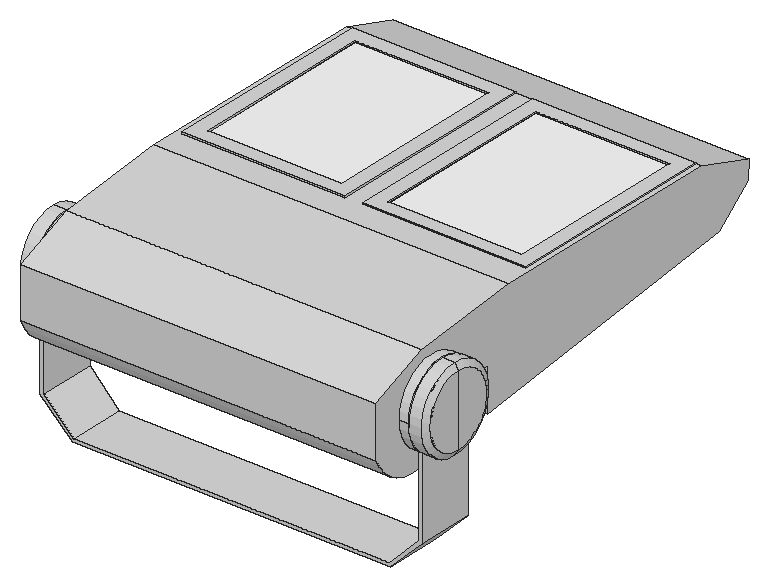
Revit family "0049114 Feilo Sylvania Lighting Fixture SYLVEO LED 12000LM RASYM 4K", category Lighting Fixtures, host Face, Revit 2017
Family settings
  Host = Face
  Round Connector Dimension = Use Diameter
  Part Type = Normal
  Cut with Voids When Loaded = No
  Light Source = No
  Shared = No
  Room Calculation Point = No
Parameters (values of type "0049114 SYLVEO LED 12000LM RASYM 4K")
  Weight = "8.31 kg"
  Wattage Comments = "n/a"
  WarrantyStartDate [instance] = "n/a"
  WarrantyGuarantorParts = "n/a"
  WarrantyDurationUnit = "n/a"
  WarrantyDurationParts = "n/a"
  WarrantyDescription = "n/a"
  Voltage = 230 V
  URL = "http://www.sylvania-lighting.com"
  TypeName = "SYLVEO LED 12000LM RASYM 4K"
  TypeBody_FEILO = Sylveo Large Body : 0049114 SYLVEO LED 12000LM RASYM 4K
  Type Image = <None>
  Type Comments = "n/a"
  TotalWidth = 344 mm
  TiltAngle [instance] = 0.00°
  StartAngle [instance] = -TiltAngle  # 0.00°
  SerialNumber [instance] = "n/a"
  PowerFactor = 0
  PowerConsumption = "121.5 W"
  NominalWidth = 0 mm
  NominalLength = 344 mm
  NominalHeight = 392 mm
  Name = "SYLVEO LED 12000LM RASYM 4K"
  ModelReference = "SYLVEO LED 12000LM RASYM 4K"
  ModelNumber = "0049114"
  Model = "SYLVEO LED 12000LM RASYM 4K"
  Material_4_FEILO = none
  Material_3_FEILO = none
  Material_2_FEILO = none
  Material_1_FEILO = Body-Sylvania-Sylveo-Aluminium
  Material = "aluminium housing, glass diffuser"
  ManufacturerName = "Feilo Sylvania"
  Manufacturer = "Feilo Sylvania"
  LuminousEfficacy = "107.6 lm/W"
  LuminaireType = ""
  LightOutputRatio = "100"
  LampsType = Lamp  # "LED"
  LampNominalLuminous = "13073 lm"
  LampMacAdamStep = "6"
  LampColourTemperature = "4000 K"
  LampColourRenderingIndex = "70"
  Lamp = "LED"
  Keynote = "16500"
  InstallationDate [instance] = "n/a"
  InputVoltage = "100-240V~"
  InputNominalFrequency = "50 Hz"
  IngressProtection = "IP66"
  ImpactProtectionIndex = "IK08"
  IfcExportType = "IfcLightFixtureType"
  IfcExportAs = "IfcLightFixtureType"
  HingeHeight = 121 mm
  ExpectedLife = 50000
  EndAngle [instance] = StartAngle + 180.00°  # 180.00°
  ElectricShockClassification = "Class I"
  DurationUnit = "hours"
  DocumentationLiterature = "http://www.sylvania-lighting.com/product/en-int/products/0049114"
  DimmingControlOptions = "Non dimmable"
  Description = "Exterior LED Floodlight, comes complete with a 1000mm cable and adjustable bracket, aluminium housing, clear glass diffuser, IP66, IK08, Class I, 4000K, Non-dimming, 13073lm, 122W, 108lm/W, 3600mA, CRI70, 52°x117° beam angle, 50000hrs, (LxWxD) 98x344x392mm"
  Default Elevation = 1219.2 mm
  CreatedOn = "12/18/2017"
  CreatedBy = ""
  Cost = 0
  built-in parameter 1114216 [instance] = (empty or 0)
  ClassificationValue = "EF_70_80"
  ClassificationName = "Uniclass2015"
  Calculate Coefficient of Utilization = no
  BracketWidth = 48 mm
  BracketThickness = 3 mm
  BracketOuterWidth = BracketInnerWidth + 2 * BracketThickness  # 322 mm
  BracketInnerWidth = 316 mm
  BracketFold = 25 mm
  BracketExtrusionStart = -BracketWidth / 2  # -24 mm
  BracketExtrusionEnd = BracketWidth / 2  # 24 mm
  BarCode [instance] = "n/a"
  AssetType = "Fixed"
  AssetIdentifier [instance] = "n/a"
  Assembly Code = "D5020200"
  Apparent Load = 121.5 VA
Reference planes
  plane 1 "Center (Front/Back)": y = 0
  plane 2: z = 0
  plane 3 "Center (Left/Right)": x = 0
  plane 4: x = 158
  plane 5: x = -158
  plane 6: z = 121
  plane 7: x = 172
  plane 8: x = -172
  plane 9: z = 156
  plane 10: z = 86
  plane 11: x = 169
  plane 12: x = -169
  plane 13: x = 161
  plane 14: x = -161
  plane 15: z = 3
  plane 16: z = 28
  plane 17: x = 133
  plane 18: x = -133
  plane 19: z = 91
Forms (mm)
  Extrusion 1, solid, material "Body-Sylvania-Sylveo-Aluminium" <- "Material_1_FEILO"
    sketch origin (0, 0, 0) x (1, 0, 0) y (0, 0, 1)
      loop
        line (0, 3) -> (0, 0) -> (133.828, 0) -> (161, 27.172) -> (161, 121) -> (158, 121) -> (158, 28) -> (133, 3) -> (0, 3)
    from -24 <- "BracketExtrusionStart" to 24 <- "BracketExtrusionEnd"
  Extrusion 2, solid, material "Body-Sylvania-Sylveo-Aluminium" <- "Material_1_FEILO"
    sketch origin (0, 0, 0) x (-1, 0, 0) y (0, 0, -1)
      loop
        line (0, -3) -> (133, -3) -> (158, -28) -> (158, -121) -> (161, -121) -> (161, -27.172) -> (133.828, 0) -> (0, 0) -> (0, -3)
    from -24 <- "BracketExtrusionStart" to 24 <- "BracketExtrusionEnd"
  Revolve 3, solid, material "Body-Sylvania-Sylveo-Aluminium" <- "Material_1_FEILO"
    sketch origin (0, 0, 0) x (1, 0, 0) y (0, 0, 1)
      loop
        line (-158, 121) -> (-172, 121) -> (-172, 91) -> (-169, 86) -> (-158, 86) -> (-158, 121)
      axis (-158, 121) -> (-172, 121)
    angle from 0 to 360
  Revolve 4, solid, material "Body-Sylvania-Sylveo-Aluminium" <- "Material_1_FEILO"
    sketch origin (0, 0, 0) x (-1, 0, 0) y (0, 0, 1)
      loop
        line (-158, 121) -> (-172, 121) -> (-172, 91) -> (-169, 86) -> (-158, 86) -> (-158, 121)
      axis (-158, 121) -> (-172, 121)
    angle from 0 to 360
  Revolve 5, solid, not visible
    sketch origin (181.107, 0, 121) x (1, 0, 0) y (0, 1, 0)
      loop
        line (-191.101, 0) -> (-171.112, 0) -> (-171.112, 10) -> (-191.101, 10) -> (-191.101, 0)
      axis (-171.112, 0) -> (-191.101, 0)
    angle from 0 <- "StartAngle" to 180 <- "EndAngle"
Cuts and joins
  joined: Extrusion 1, Extrusion 2, Revolve 3, Revolve 4
Dimensions and locks
  equal spacing: plane 5, plane 3 "Center (Left/Right)", plane 4
  equal spacing: plane 7, plane 3 "Center (Left/Right)", plane 8
  "TotalWidth": plane 7 to plane 8
  "HingeHeight": plane 2 to plane 6
  equal spacing: plane 10, plane 6, plane 9
  locked: plane 10 to plane 9 at 70
  equal spacing: plane 11, plane 3 "Center (Left/Right)", plane 12
  locked: plane 11 to plane 12 at 338
  equal spacing: plane 13, plane 3 "Center (Left/Right)", plane 14
  "BracketThickness": plane 2 to plane 15
  equal spacing: plane 17, plane 3 "Center (Left/Right)", plane 18
  locked: plane 19 to plane 10 at 5
  locked: Revolve 5 sketch curve to Revolve 5 sketch curve at 10
  equal spacing: Revolve 5 sketch curve, plane 3 "Center (Left/Right)", Revolve 5 sketch curve
  locked: Revolve 5 sketch curve to Revolve 5 sketch curve at 19.988
  "BracketInnerWidth": plane 5 to plane 4
  "BracketOuterWidth": plane 13 to plane 14
  "BracketFold": plane 4 to plane 17
  "BracketFold": plane 15 to plane 16
  aligned and locked: plane 2 to host face
  aligned and locked: level to host face
  aligned and locked: Revolve 3 sketch curve to plane 10
  aligned and locked: Revolve 3 sketch curve to plane 8
  aligned and locked: plane 5 to Revolve 3 sketch curve
  aligned and locked: Revolve 3 sketch curve to plane 6  (x2)
  aligned and locked: Revolve 5 sketch curve to plane 1 "Center (Front/Back)"
  aligned and locked: plane 3 "Center (Left/Right)" to nested 1
Automatic sketch dimensions
  host sketch curve to host sketch curve = 2438.4 mm  (x2)
  Extrusion 1 sketch curve to plane 3 "Center (Left/Right)" = 0 mm  (x2)
  Extrusion 1 sketch curve to level = 0 mm  (x2)
  Extrusion 1 sketch curve to plane 15 = 0 mm
  Extrusion 1 sketch curve to plane 17 = 0 mm
  plane 4 to Extrusion 1 sketch curve = 0 mm
  Extrusion 1 sketch curve to plane 13 = 0 mm  (x2)
  Extrusion 1 sketch curve to plane 6 = 0 mm  (x2)
  Extrusion 1 sketch curve to plane 16 = 0 mm
  plane 17 to Extrusion 1 sketch curve = 0.828 mm
  Extrusion 1 sketch curve to plane 16 = 0.828 mm
  Extrusion 2 sketch curve to plane 3 "Center (Left/Right)" = 0 mm  (x2)
  Extrusion 2 sketch curve to level = 0 mm  (x2)
  Extrusion 2 sketch curve to plane 15 = 0 mm
  plane 18 to Extrusion 2 sketch curve = 0 mm
  plane 5 to Extrusion 2 sketch curve = 0 mm
  plane 14 to Extrusion 2 sketch curve = 0 mm  (x2)
  Extrusion 2 sketch curve to plane 6 = 0 mm  (x2)
  Extrusion 2 sketch curve to plane 16 = 0 mm
  Extrusion 2 sketch curve to plane 18 = 0.828 mm
  plane 16 to Extrusion 2 sketch curve = 0.828 mm
  plane 12 to Revolve 3 sketch curve = 0 mm
  Revolve 3 sketch curve to plane 19 = 0 mm
  plane 8 to Revolve 3 sketch curve = 77.715 mm
  plane 7 to Revolve 3 sketch curve = 78.607 mm
  Revolve 4 sketch curve to plane 6 = 0 mm  (x2)
  Revolve 4 sketch curve to plane 7 = 0 mm
  Revolve 4 sketch curve to plane 10 = 0 mm
  Revolve 4 sketch curve to plane 11 = 0 mm
  plane 4 to Revolve 4 sketch curve = 0 mm
  Revolve 4 sketch curve to plane 19 = 0 mm
  Revolve 4 sketch curve to Revolve 4 sketch curve = 77.715 mm
  Revolve 4 sketch curve to plane 8 = 78.607 mm
  plane 1 "Center (Front/Back)" to Revolve 5 sketch curve = 0 mm
  plane 8 to Revolve 5 sketch curve = 1421.5 mm
  plane 7 to Revolve 5 sketch curve = 1421.5 mm
Nested families
  nested 1: "Sylveo Large Body" at (0, 0, 121), type <- "TypeBody_FEILO", type "0049114 SYLVEO LED 12000LM RASYM 4K"
Definition of nested family "Sylveo Large Body"
  Parameters (values of type "0049144 SYLVEO LED 12000LM RASYM 4K DALI ")
    Wattage = 120 W
    built-in parameter 1150110 = 1 (stored number, unit not read)
    VoidExtrusionStart = -BodyWidth / 2  # -158 mm
    URL = "http://www.feilosylvania.com"
    Type Comments = "n/a"
    built-in parameter 1114217 = 1 (stored number, unit not read)
    TiltAngle = 0.00°
    Tilt Angle = -90.00°
    built-in parameter 1150109 = 1 (stored number, unit not read)
    built-in parameter 1150134 = 12
    built-in parameter 1150113 = 1 (stored number, unit not read)
    Photometric Web File = "0049144.ies"
    Material_3_FEILO = none
    Model = "SYLVEO LED 12000LM RASYM 4K DALI"
    Manufacturer = "Feilo Sylvania"
    built-in parameter 1150105 = 6486.1 (stored number, unit not read)
    Lumens = 12552 lm
    built-in parameter 1150115 = 1 (stored number, unit not read)
    built-in parameter 1150137 = (empty or 0)
    built-in parameter 1150139 = (empty or 0)
    built-in parameter 1150112 = 1 (stored number, unit not read)
    built-in parameter 1150114 = 1 (stored number, unit not read)
    Lamp = "LED"
    Keynote = "16500"
    built-in parameter 1150132 = (empty or 0)
    built-in parameter 1150102 = (empty or 0)
    built-in parameter 1150107 = 4000 (stored number, unit not read)
    built-in parameter 1150138 = (empty or 0)
    built-in parameter 1150106 = 64.861 (stored number, unit not read)
    HingeRadius = 35 mm
    HingeFromTop = 51.5 mm
    Material_2_FEILO = none
    Emit from Rectangle Width = 155.3 mm
    Emit from Rectangle Length = 265 mm
    Emit Shape Visible in Rendering = no
    built-in parameter 1150104 = 9.7177 (stored number, unit not read)
    Dimming Lamp Color Temperature Shift = (empty or 0)
    Description = "Exterior LED floodlight, comes complete with a 1000mm cable and adjustable bracket, aluminium housing, clear glass diffuser, 12547lm, 120W, 104lm/W, 4000K, 3570mA, CRI70, 52°x117° beam angle, DALI dimmable, IP66, IK08, Class I, 50000hrs, (LxWxD) 98x344x392mm"
    Default Elevation = 1219.2 mm
    Cost = 0
    Color Filter = 16777215
    BodyWidthTop = 299 mm
    Material_1_FEILO = none
    BodyWidth = 316 mm
    BodyHeight = 392 mm
    BodyExtrusionStart = -(BodyDepth - HingeFromTop)  # -46.5 mm
    BodyExtrusionEnd = HingeFromTop  # 51.5 mm
    BodyDepth = 98 mm
    built-in parameter 1114218 = 1 (stored number, unit not read)
    built-in parameter 1150133 = 10 (stored number, unit not read)
    Assembly Code = "D5020200"
    Material_4_FEILO = none
    Apparent Load = 120 VA
  Types (9, lengths in mm): name | Wattage | built-in parameter 1150134 | Photometric Web File | Model | built-in parameter 1150105 | Lumens | built-in parameter 1150107 | built-in parameter 1150106 | built-in parameter 1150104 | Description | Apparent Load
    0049144 SYLVEO LED 12000LM RASYM 4K DALI | 120 W | 12 | "0049144.ies" | "SYLVEO LED 12000LM RASYM 4K DALI" | 6486.1 (stored number, unit not read) | 12552 lm | 4000 (stored number, unit not read) | 64.861 (stored number, unit not read) | 9.7177 (stored number, unit not read) | "Exterior LED floodlight, comes complete with a 1000mm cable and adjustable bracket, aluminium housing, clear glass diffuser, 12547lm, 120W, 104lm/W, 4000K, 3570mA, CRI70, 52°x117° beam angle, DALI dimmable, IP66, IK08, Class I, 50000hrs, (LxWxD) 98x344x392mm" | 120 VA
    0049143 SYLVEO LED 12000LM WIDE 4K DALI | 121 W | 12 | "0049143.ies" | "SYLVEO LED 12000LM WIDE 4K DALI" | 16096.1 (stored number, unit not read) | 13225.3 lm | 4000 (stored number, unit not read) | 160.96 (stored number, unit not read) | 10.154 (stored number, unit not read) | "Exterior LED floodlight, comes complete with a 1000mm cable and adjustable bracket, aluminium housing, clear glass diffuser, 13222lm, 120W, 109lm/W, 4000K, 3570mA, CRI70, 52° beam angle, DALI dimmable, IP66, IK08, Class I, 50000hrs, (LxWxD) 98x344x392mm" | 121 VA
    0049142 SYLVEO LED 12000LM NAR 4K DALI | 121 W | 12 | "0049142.ies" | "SYLVEO LED 12000LM NAR 4K DALI" | 29878.8 (stored number, unit not read) | 12838.1 lm | 4000 (stored number, unit not read) | 298.79 (stored number, unit not read) | 9.857 (stored number, unit not read) | "Exterior LED floodlight, comes complete with a 1000mm cable and adjustable bracket, aluminium housing, clear glass diffuser, 12833lm, 121W, 106lm/W, 4000K, 3570mA, 30° beam angle, CRI70, DALI dimmable, IP66, IK08, Class I, 50000hrs, (LxWxD) 98x344x392mm" | 121 VA
    0049117 SYLVEO LED 12000LM RASYM 3K | 120.6 W | (empty or 0) | "0049117.ies" | "SYLVEO LED 12000LM RASYM 3K" | 6411.7 (stored number, unit not read) | 12409.7 lm | 3000 (stored number, unit not read) | 64.117 (stored number, unit not read) | 9.5597 (stored number, unit not read) | "Exterior LED Floodlight, comes complete with a 1000mm cable and adjustable bracket, aluminium housing, clear glass diffuser, IP66, IK08, Class I, 3000K, Non-dimming, 12412lm, 121W, 103lm/W, 3600mA, CRI70, 52°x117° beam angle, 50000hrs, (LxWxD) 98x344x392mm" | 120.6 VA
    0049116 SYLVEO LED 12000LM WIDE 3K | 120.2 W | (empty or 0) | "0049116.ies" | "SYLVEO LED 12000LM WIDE 3K" | 15595 (stored number, unit not read) | 12392.6 lm | 3000 (stored number, unit not read) | 155.95 (stored number, unit not read) | 9.5783 (stored number, unit not read) | "Exterior LED Floodlight, comes complete with a 1000mm cable and adjustable bracket, aluminium housing, clear glass diffuser, IP66, IK08, Class I, 3000K, Non-dimming, 12393lm, 120W, 103lm/W, 3600mA, CRI70, 52° beam angle, 50000hrs, (LxWxD) 98x344x392mm" | 120.2 VA
    0049115 SYLVEO LED 12000LM NAR 3K | 121.3 W | (empty or 0) | "0049115.ies" | "SYLVEO LED 12000LM NAR 3K" | 29900.5 (stored number, unit not read) | 12154.3 lm | 3000 (stored number, unit not read) | 299 (stored number, unit not read) | 9.3089 (stored number, unit not read) | "Exterior LED Floodlight, comes complete with a 1000mm cable and adjustable bracket, aluminium housing, clear glass diffuser, IP66, IK08, Class I, 3000K, Non-dimming, 12149lm, 121W, 100lm/W, 3600mA, CRI70, 30° beam angle, 50000hrs, (LxWxD) 98x344x392mm" | 121.3 VA
    0049114 SYLVEO LED 12000LM RASYM 4K | 121.5 W | 12 | "0049114.ies" | "SYLVEO LED 12000LM RASYM 4K" | 6754.6 (stored number, unit not read) | 13073.4 lm | 4000 (stored number, unit not read) | 67.546 (stored number, unit not read) | 9.9964 (stored number, unit not read) | "Exterior LED Floodlight, comes complete with a 1000mm cable and adjustable bracket, aluminium housing, clear glass diffuser, IP66, IK08, Class I, 4000K, Non-dimming, 13073lm, 122W, 108lm/W, 3600mA, CRI70, 52°x117° beam angle, 50000hrs, (LxWxD) 98x344x392mm" | 121.5 VA
    0049113 SYLVEO LED 12000LM WIDE 4K | 121.5 W | 12 | "0049113.ies" | "SYLVEO LED 12000LM WIDE 4K" | 15077 (stored number, unit not read) | 13158.5 lm | 4000 (stored number, unit not read) | 150.77 (stored number, unit not read) | 10.061 (stored number, unit not read) | "Exterior LED Floodlight, comes complete with a 1000mm cable and adjustable bracket, aluminium housing, clear glass diffuser, IP66, IK08, Class I, 4000K, Non-dimming, 13159lm, 122W, 108lm/W, 3600mA, CRI70, 52° beam angle, 50000hrs, (LxWxD) 98x344x392mm" | 121.5 VA
    0049112 SYLVEO LED 12000LM NAR 4K | 120.7 W | 12 | "0049112.ies" | "SYLVEO LED 12000LM NAR 4K" | 28932.3 (stored number, unit not read) | 12637.3 lm | 4000 (stored number, unit not read) | 289.32 (stored number, unit not read) | 9.7269 (stored number, unit not read) | "Exterior LED Floodlight, comes complete with a 1000mm cable and adjustable bracket, aluminium housing, clear glass diffuser, IP66, IK08, Class I, 4000K, Non-dimming, 12637lm, 121W, 105lm/W, 4000K, 3600mA, CRI70, 30° beam angle, 50000hrs, (LxWxD) 98x344x392mm" | 120.7 VA
  Reference planes
    plane 1 "Center (Front/Back)": y = 0
    plane 2: z = 0
    plane 3 "Center (Left/Right)": x = 0
    plane 4: y = 333.243
    plane 5: y = 313.009
    plane 6: y = 284.289
    plane 7: y = 271.887
    plane 8: y = 116.539
    plane 9: y = 104.79
    plane 10: y = 81.292
    plane 11: y = 43.434
    plane 12: y = 35
    plane 13: y = -35
    plane 14: y = -58.757
    plane 15: x = -132.503
    plane 16: x = -19.582
    plane 17: x = 19.582
    plane 18: x = 132.503
    plane 19: x = -3.59
    plane 20: x = 3.59
    plane 21: x = -149.5
    plane 22: x = 149.5
    plane 23: x = -158
    plane 24: x = 158
    plane 25: y = -10.721
    plane 26: z = 22.496
    plane 27: z = -20
    plane 28: y = -20.127
    plane 29: y = 49.579
    plane 30: y = 58.954
    plane 31: z = -40.407
    plane 32: z = -36.657
    plane 33: y = 302.105
    plane 34: z = -6.225
    plane 35: z = 35.293
    plane 36: z = 19.043
    plane 37: z = 42.496
    plane 38: x = -144.5
    plane 39: x = 144.5
    plane 40: x = -7.34
    plane 41: x = 7.34
    plane 42: y = 194.213
  Forms (mm)
    Extrusion 1, solid
      sketch origin (-0.8, 0, 0) x (1, 0, 0) y (0, 1, 0)
        loop
          line (-1219.2, 1219.2) -> (-1219.2, -1219.2) -> (1219.2, -1219.2) -> (1219.2, 1219.2) -> (-1219.2, 1219.2)
      from 0 to -304.8
    Revolve 2, solid, material <- "Material_1_FEILO"
      sketch origin (0, 0, 0) x (1, 0, 0) y (0, 1, 0)
        loop
          line (-158, 35) -> (-158, 0) -> (-149.5, 0) -> (-149.5, 35) -> (-158, 35)
        loop
          line (158, 0) -> (158, 35) -> (149.5, 35) -> (149.5, 0) -> (158, 0)
        axis (158, 0) -> (-158, 0)
      angle from 0 to 360
    Extrusion 3, solid, material <- "Material_1_FEILO"
      sketch origin (0, 0, 0) x (1, 0, 0) y (0, 1, 0)
        loop
          line (-149.5, 333.243) -> (-149.5, -58.757) -> (149.5, -58.757) -> (149.5, 333.243) -> (-149.5, 333.243)
      from -46.5 <- "BodyExtrusionStart" to 51.5 <- "BodyExtrusionEnd"
    Extrusion 4, void
      sketch origin (0, 0, 0) x (0, 1, 0) y (0, 0, 1)
        loop
          line (81.292, 51.5) -> (-58.757, 51.5) -> (-58.757, 22.496) -> (-10.721, 42.496) -> (81.292, 51.5)
        loop
          line (-58.757, -20) -> (-58.757, -46.5) -> (-20.127, -46.5)
          arc (-20.127, -46.5) -> (-43.549, -39.238) -> (-58.757, -20) r 41.406
      from -158 <- "VoidExtrusionStart" to 316 <- "BodyWidth"
    Extrusion 5, void, detail levels medium+fine
      sketch origin (0, 0, 0) x (0, 1, 0) y (0, 0, 1)
        loop
          line (-20.127, -46.5) -> (333.243, -46.5) -> (333.243, 19.043) -> (302.105, -6.225) -> (58.954, -36.657) -> (58.954, 0) -> (49.579, 0) -> (49.579, -40.407) -> (-20.127, -46.5)
        loop
          line (333.243, 51.5) -> (284.289, 51.5)
          arc (284.289, 51.5) -> (309.162, 44.591) -> (333.243, 35.293) r 264.729
          line (333.243, 35.293) -> (333.243, 51.5)
      from -158 <- "VoidExtrusionStart" to 316 <- "BodyWidth"
    Extrusion 6, solid, material <- "Material_1_FEILO", detail levels medium+fine
      sketch origin (0, 0, 51.5) x (1, 0, 0) y (0, 1, 0)
        loop
          line (-144.5, 284.289) -> (-144.5, 104.79) -> (-7.34, 104.79) -> (-7.34, 284.289) -> (-144.5, 284.289)
        loop
          line (7.34, 284.289) -> (7.34, 104.79) -> (144.5, 104.79) -> (144.5, 284.289) -> (7.34, 284.289)
        loop
          line (19.582, 271.887) -> (19.582, 116.539) -> (132.503, 116.539) -> (132.503, 271.887) -> (19.582, 271.887)
        loop
          line (-19.582, 116.539) -> (-19.582, 271.887) -> (-132.503, 271.887) -> (-132.503, 116.539) -> (-19.582, 116.539)
      from 0 to 1
    Extrusion 7, void
      sketch origin (0, 0, 51.5) x (0, 1, 0) y (1, 0, 0)
        loop
          line (271.887, -132.503) -> (271.887, -19.582) -> (116.539, -19.582) -> (116.539, -132.503) -> (271.887, -132.503)
        loop
          line (116.539, 19.582) -> (271.887, 19.582) -> (271.887, 132.503) -> (116.539, 132.503) -> (116.539, 19.582)
      from 0 to 10
    Extrusion 8, solid, material <- "Material_2_FEILO"
      sketch origin (0, 0, 51.5) x (1, 0, 0) y (0, 1, 0)
        loop
          line (-132.503, 271.887) -> (-132.503, 116.539) -> (-19.582, 116.539) -> (-19.582, 271.887) -> (-132.503, 271.887)
        loop
          line (19.582, 116.539) -> (132.503, 116.539) -> (132.503, 271.887) -> (19.582, 271.887) -> (19.582, 116.539)
      from 0 to -1
  Cuts and joins
    Extrusion 4, Extrusion 5, Extrusion 7 cuts Revolve 2
    Extrusion 4, Extrusion 5, Extrusion 7 cuts Extrusion 3
    joined: Revolve 2, Extrusion 3
  Dimensions and locks
    equal spacing: plane 19, plane 3 "Center (Left/Right)", plane 20
    equal spacing: plane 16, plane 3 "Center (Left/Right)", plane 17
    equal spacing: plane 15, plane 3 "Center (Left/Right)", plane 18
    locked: plane 16 to plane 17 at 39.163
    locked: plane 19 to plane 20 at 7.18
    locked: plane 15 to plane 18 at 265.006
    locked: plane 7 to plane 8 at 155.348
    locked: plane 6 to plane 9 at 179.499
    locked: plane 5 to plane 10 at 231.717
    "BodyHeight": plane 4 to plane 14
    equal spacing: plane 12, plane 1 "Center (Front/Back)", plane 13
    "HingeRadius": plane 12 to plane 1 "Center (Front/Back)"
    equal spacing: plane 21, plane 3 "Center (Left/Right)", plane 22  (x2)
    equal spacing: plane 23, plane 3 "Center (Left/Right)", plane 24
    "BodyWidth": plane 23 to plane 24
    "BodyWidthTop": plane 21 to plane 22
    locked: plane 1 "Center (Front/Back)" to plane 14 at 58.757
    locked: plane 1 "Center (Front/Back)" to plane 11 at 43.434
    locked: plane 1 "Center (Front/Back)" to plane 10 at 81.292
    locked: plane 9 to plane 1 "Center (Front/Back)" at 104.79
    locked: plane 8 to plane 1 "Center (Front/Back)" at 116.539
    equal spacing: plane 38, plane 3 "Center (Left/Right)", plane 39
    equal spacing: plane 40, plane 3 "Center (Left/Right)", plane 41
    equal spacing: plane 7, plane 42, plane 8, locked at 77.674 each
    aligned and locked: plane 2 to Extrusion 1
    aligned and locked: level to Extrusion 1
    aligned and locked: Revolve 2 sketch curve to plane 1 "Center (Front/Back)"  (x3)
    aligned and locked: Revolve 2 sketch curve to plane 12  (x2)
    aligned and locked: Revolve 2 sketch curve to plane 23
    aligned and locked: Revolve 2 sketch curve to plane 21
    aligned and locked: plane 24 to Revolve 2 sketch curve
    aligned and locked: plane 22 to Revolve 2 sketch curve
    aligned and locked: Extrusion 3 sketch curve to plane 4
    aligned and locked: plane 21 to Extrusion 3 sketch curve
    aligned and locked: plane 14 to Extrusion 3 sketch curve
    aligned and locked: Extrusion 3 sketch curve to plane 22
    aligned and locked: plane 10 to Extrusion 4 sketch curve
    aligned and locked: plane 25 to Extrusion 4 sketch curve
    aligned and locked: plane 14 to Extrusion 4 sketch curve
    aligned and locked: Extrusion 4 sketch curve to cut or joined group of Revolve 2, Extrusion 3, Extrusion 4, Extrusion 5, Extrusion 7  (x2)
    aligned and locked: Extrusion 5 sketch curve to plane 29
    aligned and locked: Extrusion 5 sketch curve to level
    aligned and locked: plane 32 to Extrusion 5 sketch curve
    aligned and locked: Extrusion 5 sketch curve to plane 30
    aligned and locked: plane 34 to Extrusion 5 sketch curve
    aligned and locked: plane 36 to Extrusion 5 sketch curve
    aligned and locked: Extrusion 5 sketch curve to plane 4
    aligned and locked: plane 6 to Extrusion 5 sketch curve
    aligned and locked: plane 9 to Extrusion 6 sketch curve  (x2)
    aligned and locked: Extrusion 6 sketch curve to plane 6
    aligned and locked: Extrusion 6 sketch curve to plane 7  (x2)
    aligned and locked: plane 17 to Extrusion 6 sketch curve
    aligned and locked: plane 8 to Extrusion 6 sketch curve  (x2)
    aligned and locked: Extrusion 6 sketch curve to plane 18
    aligned and locked: Extrusion 6 sketch curve to plane 16
    aligned and locked: plane 15 to Extrusion 6 sketch curve
    aligned and locked: plane 38 to Extrusion 6 sketch curve
    aligned and locked: Extrusion 6 sketch curve to plane 39
    aligned and locked: Extrusion 6 sketch curve to plane 40
    aligned and locked: plane 41 to Extrusion 6 sketch curve
    aligned and locked: Extrusion 7 sketch curve to Extrusion 6  (x8)
    aligned and locked: Extrusion 8 sketch curve to cut or joined group of Revolve 2, Extrusion 3, Extrusion 4, Extrusion 5, Extrusion 7  (x8)
    aligned and locked: imposter light to plane 42
    aligned and locked: imposter light to plane 3 "Center (Left/Right)"
    aligned and locked: imposter light to Extrusion 6
  Automatic sketch dimensions
    Extrusion 1 sketch curve to Extrusion 1 sketch curve = 2438.4 mm  (x2)
    plane 23 to Revolve 2 sketch curve = 1366 mm
    Revolve 2 sketch curve to plane 24 = 1366 mm
    Extrusion 4 sketch curve to plane 14 = 0 mm
    Extrusion 4 sketch curve to plane 28 = 0 mm
    Extrusion 4 sketch curve to plane 27 = 0 mm
    Extrusion 4 sketch curve to plane 26 = 0 mm
    Extrusion 4 sketch curve to plane 37 = 0 mm
    Extrusion 5 sketch curve to plane 33 = 0 mm
    Extrusion 5 sketch curve to plane 31 = 0 mm
    plane 35 to Extrusion 5 sketch curve = 0 mm
    Extrusion 5 sketch curve to plane 7 = 45.926 mm
    Extrusion 5 sketch curve to plane 28 = 0 mm
    Extrusion 5 sketch curve to plane 4 = 0 mm
    Extrusion 5 sketch curve to plane 31 = 6.093 mm
    Extrusion 5 sketch curve to plane 31 = 166.316 mm
    Extrusion 6 sketch curve to Extrusion 6 sketch curve = 0 mm
